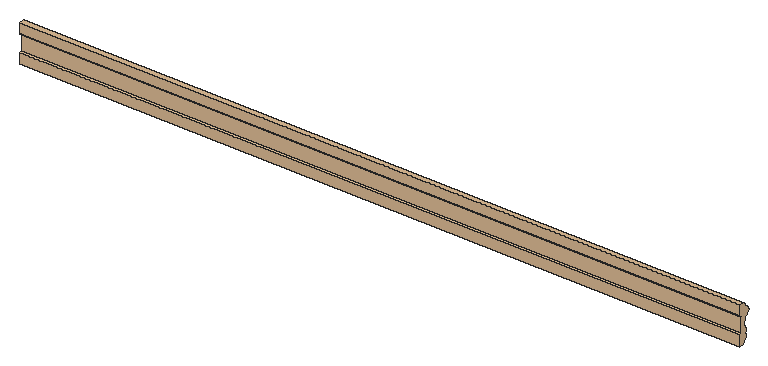
Revit family
Parameters (values of type "ByProfile")
  Warranty Duration (Years) = 1
  Trim Material = ARCAT - Wood - Pine_FJ-Natural
  Test Data = ""
  Specification = "http://www.arcat.com/divs/sec/sec06450.shtml"
  Sales Information = ""
  Product Properties = "http://www.arcat.com/bim/bim_info.pl?fn=Trim_Chair-Rail"
  Product Data = "http://www.arcat.com/divs/sec/sec06450.shtml"
  Model = "Generic"  # constant formula
  Manufacturer Website = "http://www.arcat.com/"
  Manufacturer Phone - Toll Free = ""
  Manufacturer Phone = "(203) 929-9444"  # constant formula
  Manufacturer Fax = "(203) 929-2444"  # constant formula
  Manufacturer Email = "bim@arcat.com"  # constant formula
  Manufacturer Address = "1077 Bridgeport Ave, Shelton, CT 06484"  # constant formula
  Manufacturer = "Generic"  # constant formula
  Maintenance Schedule (Months) = 12
  built-in parameter 1001306 [instance] = 4' - 0"
  Keynote = "06450"
  Installation-Fabrication = ""
  Installation Phase = ""
  Green Building-LEED = "http://www.arcat.com/green/green_building.shtml"
  Expected Lifespan (Years) = 30
  Drawn By = "Robert S. Weygant, CSI, CDT, SCIP"  # constant formula
  Description = "Chair Rail"
  Copyright = "2008, ARCAT, Inc."  # constant formula
  Construction Details = "http://www.arcat.com/divs/sec/sec06450.shtml"
  Building Codes = ""
  Assembly Code = "C3010130"
Reference planes (in)
  plane 1 "Center (Front/Back)": y = 0
  plane 2: z = 0
  plane 3 "Left": x = 0
  plane 4 "Right": x = 48
Forms (in)
  Sweep 1, solid, material "ARCAT - Wood - Pine_FJ-Natural" <- "Trim Material"
    path in 3D
      loop
        line (0, 0, 0) -> (48, 0, 0)
    profile "Chair-Rail_2-5 : Chair-Rail_2-5" origin (24, 0, 0) x (0, 1, 0) y (0, 0, 1)
      loop
        arc (0.1875, 0) -> (0.21954, 0.07734) -> (0.29688, 0.10938) r 0.10937
        line (0.29688, 0.10938) -> (0.29688, 0.23438)
        arc (0.29688, 0.23438) -> (0.48432, 0.42653) -> (0.28757, 0.60914) r 0.1875
        arc (0.28757, 0.60914) -> (0.46612, 0.72069) -> (0.46503, 0.93121) r 0.2161
        line (0.46503, 0.93121) -> (0.34758, 1.13925)
        arc (0.34758, 1.13925) -> (0.32093, 1.31947) -> (0.42188, 1.47112) r 0.2538
        line (0.42188, 1.47112) -> (0.42188, 1.59612)
        arc (0.42188, 1.59612) -> (0.6875, 1.93087) -> (0.42188, 2.26563) r 0.34375
        line (0.42188, 2.26563) -> (0.42188, 2.39063)
        arc (0.42188, 2.39063) -> (0.34454, 2.42266) -> (0.3125, 2.5) r 0.10937
        line (0.3125, 2.5) -> (0, 2.5) -> (0, 1.8125) -> (0.09375, 1.71875) -> (0.09375, 0.78125) -> (0, 0.6875) -> (0, 0) -> (0.1875, 0)
Lines and regions (in)
  reference lines
    curve 1: line (0, 0, 0) -> (48, 0, 0)
  sketch lines
    curve 2: line (0, 0, 0) -> (48, 0, 0)
Dimensions and locks (in)
  "built-in parameter 1001306": plane 3 "Left" to plane 4 "Right"
  aligned and locked: plane 4 "Right" to curve 1
  aligned and locked: plane 1 "Center (Front/Back)" to curve 1
  aligned and locked: plane 3 "Left" to curve 1
  aligned and locked: plane 3 "Left" to Sweep 1
  aligned and locked: plane 4 "Right" to Sweep 1
